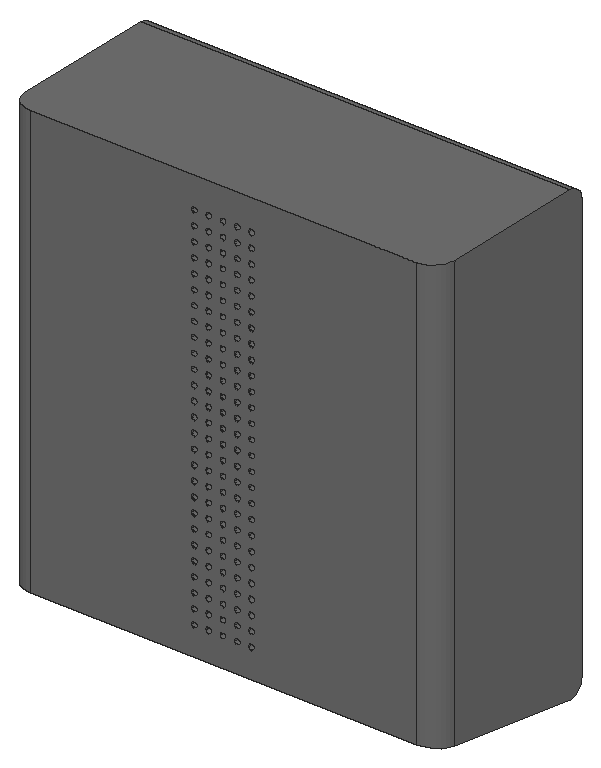
Revit family "PROOX Paper towel dispenser EN", category Furniture, Revit 2014
Parameters (values of type "ONE dark passion")
  URL = "http://www.proox.com/"
  Type Comments = "ONE dark passion"
  Product webpage [instance] = "http://www.proox.com/EN/products/paper-towel-dispenser/one-dark-passion/"
  Product data sheet = "http://www.proox.com/fileadmin/dam/Download/Produktdatenbl%C3%A4tter/english/Productspecification_DP-100.pdf"
  Model = "DP-100"
  Material = Aluminum, black anodised
  Manufacturer = "PROOX Ltd."  # constant formula
  Keynote = ""
  EAN-No. = "9120050350168"
  Description = "handdryer PROOX ONE dark passion made from aluminum black anodized"
  Default Elevation = 0 m
  Cost = 245
  BIM objects producer = "www.BIMtelligent.eu"  # constant formula
  Specification = "Powerful hand dryer made out from glass pearl blasted and black anodised aluminum. Cover 3 mm thickness. Intended for wall mounting, with optoelectronic sensor. Perforated design area with 4mm drillings. Drying time less then 10 seconds. Air temperature 55°C, 500W motor, 500W heater element, Air output adjustable as well as the sensor detection range from 5 to 33cm. Automatic switch-off mode after 60 sec. Includes stainless steel screws and anchors. Cables for installation not included."
Types (3, lengths in m): name | Type Comments | Product webpage | Product data sheet | Model | Material | EAN-No. | Description | Cost | Specification
  (no name) | "ONE dark passion" | "http://www.proox.com/EN/products/paper-towel-dispenser/one-dark-passion/" | "http://www.proox.com/fileadmin/dam/Download/Produktdatenbl%C3%A4tter/english/Productspecification_DP-100.pdf" | "DP-100" | Aluminum, black anodised | "9120050350168" | "handdryer PROOX ONE dark passion made from aluminum black anodized" | 245 | "Powerful hand dryer made out from glass pearl blasted and black anodised aluminum. Cover 3 mm thickness. Intended for wall mounting, with optoelectronic sensor. Perforated design area with 4mm drillings. Drying time less then 10 seconds. Air temperature 55°C, 500W motor, 500W heater element, Air output adjustable as well as the sensor detection range from 5 to 33cm. Automatic switch-off mode after 60 sec. Includes stainless steel screws and anchors. Cables for installation not included."
  ONE dark passion | "ONE dark passion" | "http://www.proox.com/EN/products/paper-towel-dispenser/one-dark-passion/" | "http://www.proox.com/fileadmin/dam/Download/Produktdatenbl%C3%A4tter/english/Productspecification_DP-100.pdf" | "DP-100" | Aluminum, black anodised | "9120050350168" | "handdryer PROOX ONE dark passion made from aluminum black anodized" | 245 | "Powerful hand dryer made out from glass pearl blasted and black anodised aluminum. Cover 3 mm thickness. Intended for wall mounting, with optoelectronic sensor. Perforated design area with 4mm drillings. Drying time less then 10 seconds. Air temperature 55°C, 500W motor, 500W heater element, Air output adjustable as well as the sensor detection range from 5 to 33cm. Automatic switch-off mode after 60 sec. Includes stainless steel screws and anchors. Cables for installation not included."
  ONE pure | "ONE pure" | "http://www.proox.com/EN/paper-towel-dispenser-stainless-steel/" | "http://www.proox.com/fileadmin/dam/Download/Produktdatenbl%C3%A4tter/english/Productspecification_PU-100.pdf" | "PU-100" | Stainless steel, brushed | "9120050350021" | "paper towel dispenser PROOX ONE pure made from stainless steel" | 215 | "Paper towel dispenser made out of stainless steel. Surface with fine brushed structure. Cover 1.5 mm thickness. Intended for wall mounting. Perforated fill level indicator with 4mm drillings. Integrated Teflon-coated soft-slide box for easy paper dispensing. Holds 300-400 accordion-fold paper towels. Lock not visible. Includes stainless steel screws and anchors."
Reference planes (m)
  plane 1 "Center (Front/Back)": y = 0
  plane 2: z = 0
  plane 3 "Center (Left/Right)": x = 0
Forms (m)
  Extrusion 1, solid, material "Aluminum, black anodised" <- "Material", detail levels fine
    sketch origin (0, 0, -1.1775) x (0, 1, 0) y (0, 0, 1)
      loop
        line (0, 1.190277) -> (0, 1.49)
        arc (0, 1.49) -> (-0.002929, 1.497071) -> (-0.01, 1.5) r 0.01
        line (-0.01, 1.5) -> (-0.1255, 1.5) -> (-0.1255, 1.198) -> (-0.011527, 1.180394)
        arc (-0.011527, 1.180394) -> (-0.003491, 1.182685) -> (0, 1.190277) r 0.01
    from -0.15 to 0.15
  Extrusion 2, void, detail levels fine
    sketch origin (0, 0, 0) x (1, 0, 0) y (0, 1, 0)
      loop
        line (-0.15, -0.1105) -> (-0.15, -0.1255) -> (-0.135, -0.1255)
        arc (-0.135, -0.1255) -> (-0.145607, -0.121107) -> (-0.15, -0.1105) r 0.015
    from 0 to 0.3225
  Extrusion 3, void, detail levels fine
    sketch origin (0, 0, 0) x (-1, 0, 0) y (0, -1, 0)
      loop
        arc (-0.15, 0.1105) -> (-0.145607, 0.121107) -> (-0.135, 0.1255) r 0.015
        line (-0.135, 0.1255) -> (-0.15, 0.1255) -> (-0.15, 0.1105)
    from 0 to 0.3225
  Extrusion 4, solid, material "Aluminum, black anodised" <- "Material", detail levels coarse
    sketch origin (0, 0, -1.1775) x (0, 1, 0) y (0, 0, 1)
      loop
        line (0, 1.5) -> (-0.1255, 1.5) -> (-0.1255, 1.1775) -> (0, 1.1775) -> (0, 1.5)
    from -0.15 to 0.15
  Extrusion 5, solid, material "Aluminum, black anodised" <- "Material", detail levels medium
    sketch origin (0, 0, -1.1775) x (0, 1, 0) y (0, 0, 1)
      loop
        line (0, 1.5) -> (-0.1255, 1.5) -> (-0.1255, 1.198) -> (-0.014027, 1.180781) -> (0, 1.180781) -> (0, 1.5)
    from -0.15 to 0.15
  Extrusion 6, void
    sketch origin (0, 0, -1.1775) x (1, 0, 0) y (0, 0, 1)
      loop
        circle (-0.02, 1.4785) r 0.002
      loop
        circle (-0.01, 1.4785) r 0.002
      loop
        circle (0, 1.4785) r 0.002
      loop
        circle (0.01, 1.4785) r 0.002
      loop
        circle (0.02, 1.4785) r 0.002
      loop
        circle (-0.02, 1.4685) r 0.002
      loop
        circle (-0.01, 1.4685) r 0.002
      loop
        circle (0, 1.4685) r 0.002
      loop
        circle (0.01, 1.4685) r 0.002
      loop
        circle (0.02, 1.4685) r 0.002
      loop
        circle (-0.02, 1.4585) r 0.002
      loop
        circle (-0.01, 1.4585) r 0.002
      loop
        circle (0, 1.4585) r 0.002
      loop
        circle (0.01, 1.4585) r 0.002
      loop
        circle (0.02, 1.4585) r 0.002
      loop
        circle (-0.02, 1.4485) r 0.002
      loop
        circle (-0.01, 1.4485) r 0.002
      loop
        circle (0, 1.4485) r 0.002
      loop
        circle (0.01, 1.4485) r 0.002
      loop
        circle (0.02, 1.4485) r 0.002
      loop
        circle (-0.02, 1.4385) r 0.002
      loop
        circle (-0.01, 1.4385) r 0.002
      loop
        circle (0, 1.4385) r 0.002
      loop
        circle (0.01, 1.4385) r 0.002
      loop
        circle (0.02, 1.4385) r 0.002
      loop
        circle (-0.02, 1.4285) r 0.002
      loop
        circle (-0.01, 1.4285) r 0.002
      loop
        circle (0, 1.4285) r 0.002
      loop
        circle (0.01, 1.4285) r 0.002
      loop
        circle (0.02, 1.4285) r 0.002
      loop
        circle (-0.02, 1.4185) r 0.002
      loop
        circle (-0.01, 1.4185) r 0.002
      loop
        circle (0, 1.4185) r 0.002
      loop
        circle (0.01, 1.4185) r 0.002
      loop
        circle (0.02, 1.4185) r 0.002
      loop
        circle (-0.02, 1.4085) r 0.002
      loop
        circle (-0.01, 1.4085) r 0.002
      loop
        circle (0, 1.4085) r 0.002
      loop
        circle (0.01, 1.4085) r 0.002
      loop
        circle (0.02, 1.4085) r 0.002
      loop
        circle (-0.02, 1.3985) r 0.002
      loop
        circle (-0.01, 1.3985) r 0.002
      loop
        circle (0, 1.3985) r 0.002
      loop
        circle (0.01, 1.3985) r 0.002
      loop
        circle (0.02, 1.3985) r 0.002
      loop
        circle (-0.02, 1.3885) r 0.002
      loop
        circle (-0.01, 1.3885) r 0.002
      loop
        circle (0, 1.3885) r 0.002
      loop
        circle (0.01, 1.3885) r 0.002
      loop
        circle (0.02, 1.3885) r 0.002
      loop
        circle (-0.02, 1.3785) r 0.002
      loop
        circle (-0.01, 1.3785) r 0.002
      loop
        circle (0, 1.3785) r 0.002
      loop
        circle (0.01, 1.3785) r 0.002
      loop
        circle (0.02, 1.3785) r 0.002
      loop
        circle (-0.02, 1.3685) r 0.002
      loop
        circle (-0.01, 1.3685) r 0.002
      loop
        circle (0, 1.3685) r 0.002
      loop
        circle (0.01, 1.3685) r 0.002
      loop
        circle (0.02, 1.3685) r 0.002
      loop
        circle (-0.02, 1.3585) r 0.002
      loop
        circle (-0.01, 1.3585) r 0.002
      loop
        circle (0, 1.3585) r 0.002
      loop
        circle (0.01, 1.3585) r 0.002
      loop
        circle (0.02, 1.3585) r 0.002
      loop
        circle (-0.02, 1.3485) r 0.002
      loop
        circle (-0.01, 1.3485) r 0.002
      loop
        circle (0, 1.3485) r 0.002
      loop
        circle (0.01, 1.3485) r 0.002
      loop
        circle (0.02, 1.3485) r 0.002
      loop
        circle (-0.02, 1.3385) r 0.002
      loop
        circle (-0.01, 1.3385) r 0.002
      loop
        circle (0, 1.3385) r 0.002
      loop
        circle (0.01, 1.3385) r 0.002
      loop
        circle (0.02, 1.3385) r 0.002
      loop
        circle (-0.02, 1.3285) r 0.002
      loop
        circle (-0.01, 1.3285) r 0.002
      loop
        circle (0, 1.3285) r 0.002
      loop
        circle (0.01, 1.3285) r 0.002
      loop
        circle (0.02, 1.3285) r 0.002
      loop
        circle (-0.02, 1.3185) r 0.002
      loop
        circle (-0.01, 1.3185) r 0.002
      loop
        circle (0, 1.3185) r 0.002
      loop
        circle (0.01, 1.3185) r 0.002
      loop
        circle (0.02, 1.3185) r 0.002
      loop
        circle (-0.02, 1.3085) r 0.002
      loop
        circle (-0.01, 1.3085) r 0.002
      loop
        circle (0, 1.3085) r 0.002
      loop
        circle (0.01, 1.3085) r 0.002
      loop
        circle (0.02, 1.3085) r 0.002
      loop
        circle (-0.02, 1.2985) r 0.002
      loop
        circle (-0.01, 1.2985) r 0.002
      loop
        circle (0, 1.2985) r 0.002
      loop
        circle (0.01, 1.2985) r 0.002
      loop
        circle (0.02, 1.2985) r 0.002
      loop
        circle (-0.02, 1.2885) r 0.002
      loop
        circle (-0.01, 1.2885) r 0.002
      loop
        circle (0, 1.2885) r 0.002
      loop
        circle (0.01, 1.2885) r 0.002
      loop
        circle (0.02, 1.2885) r 0.002
      loop
        circle (-0.02, 1.2785) r 0.002
      loop
        circle (-0.01, 1.2785) r 0.002
      loop
        circle (0, 1.2785) r 0.002
      loop
        circle (0.01, 1.2785) r 0.002
      loop
        circle (0.02, 1.2785) r 0.002
      loop
        circle (-0.02, 1.2685) r 0.002
      loop
        circle (-0.01, 1.2685) r 0.002
      loop
        circle (0, 1.2685) r 0.002
      loop
        circle (0.01, 1.2685) r 0.002
      loop
        circle (0.02, 1.2685) r 0.002
      loop
        circle (-0.02, 1.2585) r 0.002
      loop
        circle (-0.01, 1.2585) r 0.002
      loop
        circle (0, 1.2585) r 0.002
      loop
        circle (0.01, 1.2585) r 0.002
      loop
        circle (0.02, 1.2585) r 0.002
      loop
        circle (-0.02, 1.2485) r 0.002
      loop
        circle (-0.01, 1.2485) r 0.002
      loop
        circle (0, 1.2485) r 0.002
      loop
        circle (0.01, 1.2485) r 0.002
      loop
        circle (0.02, 1.2485) r 0.002
      loop
        circle (-0.02, 1.2385) r 0.002
      loop
        circle (-0.01, 1.2385) r 0.002
      loop
        circle (0, 1.2385) r 0.002
      loop
        circle (0.01, 1.2385) r 0.002
      loop
        circle (0.02, 1.2385) r 0.002
      loop
        circle (-0.02, 1.2285) r 0.002
      loop
        circle (-0.01, 1.2285) r 0.002
      loop
        circle (0, 1.2285) r 0.002
      loop
        circle (0.01, 1.2285) r 0.002
      loop
        circle (0.02, 1.2285) r 0.002
      loop
        circle (-0.02, 1.2185) r 0.002
      loop
        circle (-0.01, 1.2185) r 0.002
      loop
        circle (0, 1.2185) r 0.002
      loop
        circle (0.01, 1.2185) r 0.002
      loop
        circle (0.02, 1.2185) r 0.002
    from 0.1255 to 0.1
Cuts and joins
  Extrusion 2, Extrusion 3, Extrusion 6 cuts Extrusion 1
Lines and regions (m)
  reference lines
    curve 1: line (0, -0.1255, 0) -> (0, -0.1255, 0.3225)
    curve 2: line (0, 0, 0) -> (0, -0.1255, 0)
    curve 3: line (0, -0.014027, 0.003281) -> (0, -0.1255, 0.0205)
    curve 4: line (0, 0, 0.003281) -> (0, -0.014027, 0.003281)
    curve 5: line (0, -0.1255, 0.3225) -> (0, 0, 0.3225)
    curve 6: line (0, 0, 0.3225) -> (0, 0, 0)
Dimensions and locks (m)
  Extrusion 3 to plane 1 "Center (Front/Back)" = 0.1255 m
  radius of Extrusion 2 sketch curve = 0.015 m
  radius of Extrusion 3 sketch curve = 0.015 m
  radius of Extrusion 1 sketch curve = 0.01 m  (x2)
  aligned and locked: level to plane 2
  aligned and locked: Extrusion 3 to Extrusion 2
  aligned and locked: Extrusion 2 to curve 1  (x2)
  aligned and locked: Extrusion 3 to curve 1
